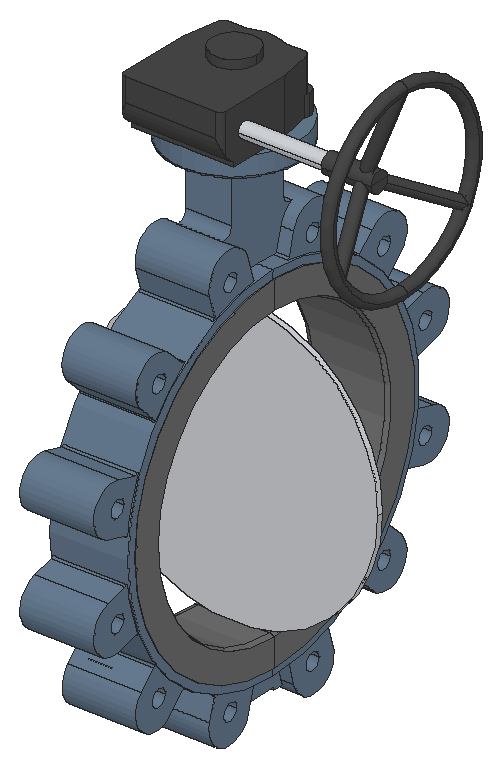
Revit family "HERZ Isolating Butterfly Valves AF-4219 with gearbox", category Rohrzubehör, Revit 2018 (continued)
Definition of nested family "Getriebe für Klappe DN50-DN200"
  Dimensions and locks
    aligned and locked: level to plane 2
  Automatic sketch dimensions
    Extrusion 3 sketch curve to level = 0 mm
    plane 1 "Mitte (Vorne/hinten)" to Extrusion 3 sketch curve = 80 mm
    Extrusion 3 sketch curve to Extrusion 3 sketch curve = 15.427 mm
    Extrusion 3 sketch curve to Extrusion 3 sketch curve = 13.173 mm
    level to Extrusion 3 sketch curve = 4.9 mm
    plane 1 "Mitte (Vorne/hinten)" to Extrusion 5 sketch curve = 0 mm
    Extrusion 5 sketch curve to plane 3 "Mitte (Links/rechts)" = 0 mm
    level to Revolve 7 sketch curve = 28.6 mm  (x2)
    plane 3 "Mitte (Links/rechts)" to Revolve 7 sketch curve = 172 mm
    level to Revolve 7 sketch curve = 26.361 mm
    Revolve 7 sketch curve to Revolve 7 sketch curve = 5.567 mm
    level to Revolve 7 sketch curve = 120.6 mm
    Revolve 7 sketch curve to Revolve 7 sketch curve = 0 mm  (x3)
    plane 3 "Mitte (Links/rechts)" to Revolve 10 sketch curve = 172 mm
    Revolve 10 sketch curve to Revolve 10 sketch curve = 5.567 mm
    Revolve 10 sketch curve to Revolve 10 sketch curve = 37 mm
    Revolve 10 sketch curve to Revolve 10 sketch curve = 2.239 mm
    Revolve 10 sketch curve to Revolve 10 sketch curve = 0 mm  (x4)
    plane 3 "Mitte (Links/rechts)" to Revolve 9 sketch curve = 172 mm
    Revolve 9 sketch curve to Revolve 9 sketch curve = 5.567 mm
    Revolve 9 sketch curve to Revolve 9 sketch curve = 37 mm
    Revolve 9 sketch curve to Revolve 9 sketch curve = 2.239 mm
    Revolve 9 sketch curve to Revolve 9 sketch curve = 0 mm  (x4)
    Extrusion 1 sketch curve to plane 3 "Mitte (Links/rechts)" = 0 mm
    plane 1 "Mitte (Vorne/hinten)" to Extrusion 1 sketch curve = 0 mm  (x2)
    Extrusion 1 sketch curve to plane 1 "Mitte (Vorne/hinten)" = 35.392 mm
    Extrusion 1 sketch curve to Extrusion 1 sketch curve = 18.48 mm  (x2)
    Extrusion 2 sketch curve to plane 3 "Mitte (Links/rechts)" = 35.7 mm
    plane 3 "Mitte (Links/rechts)" to Extrusion 2 sketch curve = 35.7 mm
    Revolve 4 sketch curve to plane 3 "Mitte (Links/rechts)" = 0 mm  (x2)
    Revolve 4 sketch curve to Revolve 4 sketch curve = 0 mm  (x2)
    Revolve 6 sketch curve to plane 3 "Mitte (Links/rechts)" = 1506.53 mm
    Revolve 6 sketch curve to Revolve 6 sketch curve = 1630.148 mm
    Revolve 8 sketch curve to Revolve 8 sketch curve = 7.5 mm
    Revolve 8 sketch curve to Revolve 8 sketch curve = 0 mm  (x2)
    radius of Extrusion 5 sketch curve = 22.3 mm
Definition of nested family "Getriebe für Klappe DN250-DN300"
  Parameters (values of type "Getriebe für Klappe DN250-DN300")
    W01 = 11.19°  # constant formula
    URL = "www.herz-armaturen.at"
    R07 = 92 mm  # constant formula
    R06 = 6 mm  # constant formula
    R05 = 10 mm  # constant formula
    R04 = 7.5 mm  # constant formula
    R03 = 10.5 mm  # constant formula
    R02 = 5.4 mm  # constant formula
    R01 = 44.9 mm  # constant formula
    M01 = 37 mm  # constant formula
    L03 = 52 mm  # constant formula
    L02 = 39.6 mm  # constant formula
    L01 = 80 mm  # constant formula
    Manufacturer = "Herz-Armaturen GmbH"  # constant formula
    H03 = 28.6 mm  # constant formula
    H02 = 20 mm  # constant formula
    H01 = 54 mm  # constant formula
    B05 = 209 mm  # constant formula
    B04 = 22 mm  # constant formula
    B03 = 50 mm  # constant formula
    B02 = 159 mm  # constant formula
    B01 = 51 mm  # constant formula
    A01 = 28.6 mm  # constant formula
  Reference planes
    plane 1 "Mitte (Vorne/hinten)": y = 0
    plane 2: z = 0
    plane 3 "Mitte (Links/rechts)": x = 0
  Forms (mm)
    Extrusion 1, solid, detail levels fine
      sketch origin (0, 0, 0) x (1, 0, 0) y (0, 1, 0)
        loop
          line (51, 0) -> (43.999, 35.392)
          arc (43.999, 35.392) -> (42.103, 38.419) -> (38.732, 39.6) r 5.4
          line (38.732, 39.6) -> (20.252, 39.6)
          arc (20.252, 39.6) -> (0, 44.427) -> (-20.252, 39.6) r 44.9
          line (-20.252, 39.6) -> (-38.732, 39.6)
          arc (-38.732, 39.6) -> (-42.103, 38.419) -> (-43.999, 35.392) r 5.4
          line (-43.999, 35.392) -> (-51, 0) -> (-51, -74.6)
          arc (-51, -74.6) -> (-49.418, -78.418) -> (-45.6, -80) r 5.4
          line (-45.6, -80) -> (45.6, -80)
          arc (45.6, -80) -> (49.418, -78.418) -> (51, -74.6) r 5.4
          line (51, -74.6) -> (51, 0)
      from 0 to 54
    Extrusion 2, solid, detail levels fine
      sketch origin (0, 0, 0) x (1, 0, 0) y (0, 1, 0)
        loop
          circle (-35.7, 37) r 10.5
        loop
          circle (35.7, 37) r 10.5
      from 0 to 20
    Extrusion 3, void
      sketch origin (0, 0, 0) x (0, 1, 0) y (0, 0, 1)
        loop
          line (-80, 0) -> (-64.573, 0) -> (-64.573, 4.9)
          arc (-64.573, 4.9) -> (-75.841, 15.433) -> (-80, 30.286) r 28.6
          line (-80, 30.286) -> (-80, 0)
      from -51 to 51
    Revolve 4, solid, detail levels fine
      sketch origin (0, 0, 28.6) x (1, 0, 0) y (0, 1, 0)
        loop
          line (0, -52) -> (0, -59.5) -> (159, -59.5) -> (159, -52) -> (0, -52)
        axis (0, -52) -> (159, -52)
      angle from 0 to 360
    Extrusion 5, solid, detail levels fine
      sketch origin (0, 0, 0) x (1, 0, 0) y (0, 1, 0)
        loop
          circle (0, 0) r 22.3
      from 54 to 62.5
    Revolve 6, solid, detail levels fine
      sketch origin (0, -52, 28.6) x (1, 0, 0) y (0, 0, 1)
        loop
          circle (209, 92) r 6
        axis (203, 0) -> (215, 0)
      angle from 0 to 360
    Revolve 7, solid, detail levels fine
      sketch origin (0, -52, 0) x (1, 0, 0) y (0, 0, 1)
        loop
          line (209, 120.6) -> (172, 28.6) -> (177.567, 26.361) -> (214.567, 118.361) -> (209, 120.6)
        axis (172, 28.6) -> (209, 120.6)
      angle from 0 to 360
    Revolve 8, solid, detail levels fine
      sketch origin (0, 0, 28.6) x (1, 0, 0) y (0, 1, 0)
        loop
          line (137, -59.5) -> (137, -62) -> (187, -62) -> (187, -52) -> (159, -52) -> (159, -59.5) -> (137, -59.5)
        axis (137, -52) -> (187, -52)
      angle from 0 to 360
    Revolve 9, solid, detail levels fine
      sketch origin (0, -27.232, 42.9) x (1, 0, 0) y (0, -0.866025, -0.5)
        loop
          line (209, 120.6) -> (172, 28.6) -> (177.567, 26.361) -> (214.567, 118.361) -> (209, 120.6)
        axis (172, 28.6) -> (209, 120.6)
      angle from 0 to 360
    Revolve 10, solid, detail levels fine
      sketch origin (0, -76.768, 42.9) x (1, 0, 0) y (0, 0.866025, -0.5)
        loop
          line (209, 120.6) -> (172, 28.6) -> (177.567, 26.361) -> (214.567, 118.361) -> (209, 120.6)
        axis (172, 28.6) -> (209, 120.6)
      angle from 0 to 360
  Cuts and joins
    Extrusion 3 cuts Extrusion 1
  Dimensions and locks
    "B01": Extrusion 1 sketch curve to plane 3 "Mitte (Links/rechts)"
    "B01": plane 3 "Mitte (Links/rechts)" to Extrusion 1 sketch curve
    "L02": plane 1 "Mitte (Vorne/hinten)" to Extrusion 1 sketch curve  (x2)
    "L01": Extrusion 1 sketch curve to plane 1 "Mitte (Vorne/hinten)"
    "M01": plane 1 "Mitte (Vorne/hinten)" to Extrusion 2 sketch curve  (x2)
    "H01": Extrusion 1 to plane 2
    "H02": Extrusion 2 to plane 2
    "L03": Revolve 4 sketch curve to plane 1 "Mitte (Vorne/hinten)"
    "R04": Revolve 4 sketch curve to Revolve 4 sketch curve
    "B02": Revolve 4 sketch curve to Revolve 4 sketch curve
    "H03": Revolve 8 to plane 2
    "H03": Revolve 4 to plane 2
    "L03": Revolve 8 sketch curve to plane 1 "Mitte (Vorne/hinten)"
    "B02": plane 3 "Mitte (Links/rechts)" to Revolve 8 sketch curve
    "R05": Revolve 8 sketch curve to Revolve 8 sketch curve
    "B03": Revolve 8 sketch curve to Revolve 8 sketch curve
    "B04": Revolve 8 sketch curve to Revolve 8 sketch curve
    "R04": Revolve 8 sketch curve to Revolve 8 sketch curve
    "B05": Revolve 6 sketch curve to plane 3 "Mitte (Links/rechts)"
    "R07": Revolve 6 sketch curve to Revolve 6 sketch curve
    "A01": plane 2 to Revolve 6 sketch curve
    "R02": radius of Extrusion 1 sketch curve  (x4)
    "R01": radius of Extrusion 1 sketch curve
    "R03": radius of Extrusion 2 sketch curve  (x2)
    "R06": radius of Revolve 6 sketch curve
    "W01": angle Extrusion 1 sketch curve to Extrusion 1 sketch curve  (x2)
    aligned and locked: level to plane 2
  Automatic sketch dimensions
    Extrusion 3 sketch curve to level = 0 mm
    plane 1 "Mitte (Vorne/hinten)" to Extrusion 3 sketch curve = 80 mm
    Extrusion 3 sketch curve to Extrusion 3 sketch curve = 15.427 mm
    Extrusion 3 sketch curve to Extrusion 3 sketch curve = 13.173 mm
    level to Extrusion 3 sketch curve = 4.9 mm
    plane 1 "Mitte (Vorne/hinten)" to Extrusion 5 sketch curve = 0 mm
    Extrusion 5 sketch curve to plane 3 "Mitte (Links/rechts)" = 0 mm
    level to Revolve 7 sketch curve = 28.6 mm  (x2)
    plane 3 "Mitte (Links/rechts)" to Revolve 7 sketch curve = 172 mm
    level to Revolve 7 sketch curve = 26.361 mm
    Revolve 7 sketch curve to Revolve 7 sketch curve = 5.567 mm
    level to Revolve 7 sketch curve = 120.6 mm
    Revolve 7 sketch curve to Revolve 7 sketch curve = 0 mm  (x3)
    plane 3 "Mitte (Links/rechts)" to Revolve 10 sketch curve = 172 mm
    Revolve 10 sketch curve to Revolve 10 sketch curve = 5.567 mm
    Revolve 10 sketch curve to Revolve 10 sketch curve = 37 mm
    Revolve 10 sketch curve to Revolve 10 sketch curve = 2.239 mm
    Revolve 10 sketch curve to Revolve 10 sketch curve = 0 mm  (x4)
    plane 3 "Mitte (Links/rechts)" to Revolve 9 sketch curve = 172 mm
    Revolve 9 sketch curve to Revolve 9 sketch curve = 5.567 mm
    Revolve 9 sketch curve to Revolve 9 sketch curve = 37 mm
    Revolve 9 sketch curve to Revolve 9 sketch curve = 2.239 mm
    Revolve 9 sketch curve to Revolve 9 sketch curve = 0 mm  (x4)
    Extrusion 1 sketch curve to plane 3 "Mitte (Links/rechts)" = 0 mm
    plane 1 "Mitte (Vorne/hinten)" to Extrusion 1 sketch curve = 0 mm  (x2)
    Extrusion 1 sketch curve to plane 1 "Mitte (Vorne/hinten)" = 35.392 mm
    Extrusion 1 sketch curve to Extrusion 1 sketch curve = 18.48 mm  (x2)
    Extrusion 2 sketch curve to plane 3 "Mitte (Links/rechts)" = 35.7 mm
    plane 3 "Mitte (Links/rechts)" to Extrusion 2 sketch curve = 35.7 mm
    Revolve 4 sketch curve to plane 3 "Mitte (Links/rechts)" = 0 mm  (x2)
    Revolve 4 sketch curve to Revolve 4 sketch curve = 0 mm  (x2)
    Revolve 6 sketch curve to plane 3 "Mitte (Links/rechts)" = 1506.53 mm
    Revolve 6 sketch curve to Revolve 6 sketch curve = 1630.148 mm
    Revolve 8 sketch curve to Revolve 8 sketch curve = 7.5 mm
    Revolve 8 sketch curve to Revolve 8 sketch curve = 0 mm  (x2)
    radius of Extrusion 5 sketch curve = 22.3 mm
